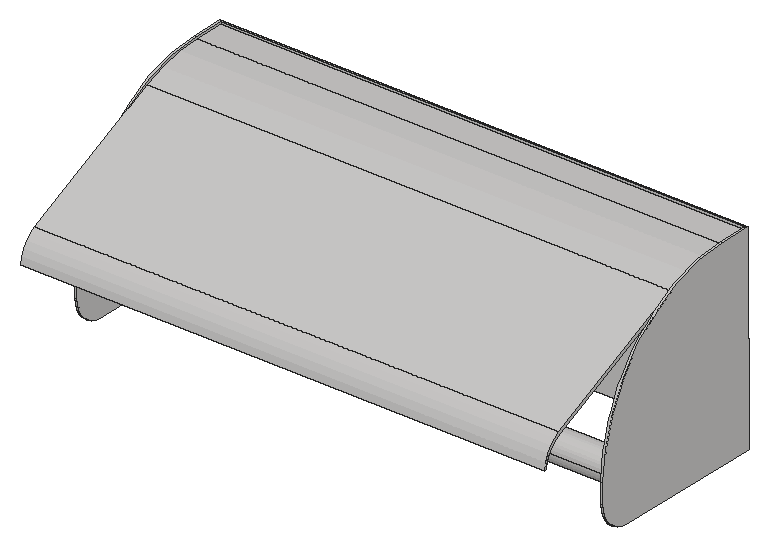
Revit family "Toilet Roll Dispenser_Metlam_Double_Bar_Hooded", category Specialty Equipment, Revit 2016
Family settings
  Part Type = Normal
  Round Connector Dimension = Use Diameter
  OmniClass Number = 23.40.20.21.21
  OmniClass Title = Toilet Paper Dispensers
  Work Plane-Based = No
  Always vertical = Yes
  Cut with Voids When Loaded = No
  Shared = No
  Room Calculation Point = Yes
Parameters (values of type "265w x 91d x 100h (ML267)")
  URL = "http://www.metlam.com.au/"
  Type Comments = "Toilet Roll Dispensers"  # constant formula
  Model = "ML267"
  Material_ANZRS = z_Metlam_Metal_Stainless Steel_Satin
  Manufacturer_URL__Product Specific = "https://www.metlam.com.au/product/content/toilet-roll-dispensers/ML267"
  Manufacturer_Spec Code = Model  # "ML267"
  Manufacturer_Overall Width = 265 mm  # constant formula
  Manufacturer_Overall Height = 100 mm  # constant formula
  Manufacturer_Overall Depth = 91 mm  # constant formula
  Manufacturer_Height From FFL [instance] = 585 mm
  Manufacturer = "Metlam"  # constant formula
  Description = "New\tDual Lockable Toilet Roll Holder"
  CreatedBy_ANZRS = "IGS BIM Solutions"  # constant formula
  CreatedByURL_ANZRS = "http://www.igsgroup.com.au/"
  Assembly Code = ""
Reference planes
  plane 1 "Back": y = 0
  plane 2 "Ref. Level": z = 0
  plane 3 "Centre (Left/Right)": x = 0
  plane 4 "Bottom": z = 570
  plane 5 "Right": x = 132.5
  plane 6 "Left": x = -132.5
  plane 7 "Front": y = -91
  plane 8 "Top": z = 670
  plane 9 "Mounting Height": z = 585
  plane 10 "Lock_Centre (Front/Back)": y = -64.5
  plane 11 "Flap_Front": y = -126.672
Forms (mm)
  Extrusion 1, solid, material "z_Metlam_Metal_Stainless Steel_Satin" <- "Material_ANZRS"
    sketch origin (0, 0, 0) x (0, 1, 0) y (0, 0, 1)
      loop
        circle (-64.5, 585) r 7.5
    from -132.5 to 132.5
  Extrusion 2, solid, material "z_Metlam_Metal_Stainless Steel_Satin" <- "Material_ANZRS"
    sketch origin (0, 0, 0) x (1, 0, 0) y (0, 0, 1)
      loop
        line (-132.5, 670) -> (-132.5, 570) -> (132.5, 570) -> (132.5, 670) -> (-132.5, 670)
    from 0 to 1
  Extrusion 3, solid, material "z_Metlam_Metal_Stainless Steel_Satin" <- "Material_ANZRS"
    sketch origin (-132.5, 0, 0) x (0, -1, 0) y (0, 0, 1)
      loop
        line (0, 670) -> (0, 570) -> (76, 570)
        arc (76, 570) -> (86.607, 574.393) -> (91, 585) r 15
        line (91, 585) -> (91, 595)
        arc (91, 595) -> (69.033, 648.033) -> (16, 670) r 75
        line (16, 670) -> (0, 670)
    from 0 to -1
  Extrusion 4, solid, material "z_Metlam_Metal_Stainless Steel_Satin" <- "Material_ANZRS"
    sketch origin (132.5, 0, 0) x (0, -1, 0) y (0, 0, 1)
      loop
        line (0, 670) -> (0, 570) -> (76, 570)
        arc (76, 570) -> (86.607, 574.393) -> (91, 585) r 15
        line (91, 585) -> (91, 595)
        arc (91, 595) -> (69.033, 648.033) -> (16, 670) r 75
        line (16, 670) -> (0, 670)
    from 0 to 1
  Extrusion 5, solid, material "z_Metlam_Metal_Stainless Steel_Satin" <- "Material_ANZRS"
    sketch origin (0, 0, 0) x (0, 1, 0) y (0, 0, 1)
      loop
        arc (-16, 669) -> (-32.145, 667.217) -> (-47.512, 661.955) r 74
        line (-47.512, 661.955) -> (-117.397, 629.065)
        arc (-117.397, 629.065) -> (-123.797, 623.675) -> (-126.672, 615.818) r 16.271
        line (-126.672, 615.818) -> (-125.676, 615.728)
        arc (-125.676, 615.728) -> (-122.978, 623.102) -> (-116.971, 628.16) r 15.271
        line (-116.971, 628.16) -> (-47.086, 661.051)
        arc (-47.086, 661.051) -> (-31.927, 666.241) -> (-16, 668) r 73
        line (-16, 668) -> (-1, 668) -> (-1, 669) -> (-16, 669)
    from -131.5 to 131.5
  Revolve 6, solid, material "z_Metlam_Metal_Stainless Steel_Satin" <- "Material_ANZRS", detail levels medium+fine
    sketch origin (0, -64.5, 0) x (-1, 0, 0) y (0, 0, 1)
      loop
        line (132.5, 606.837) -> (137.5, 606.837) -> (137.5, 614.837) -> (132.5, 617.837) -> (132.5, 606.837)
      axis (137.5, 606.837) -> (132.5, 606.837)
    angle from 0 to 360
Cuts and joins
  joined: Extrusion 1, Extrusion 2, Extrusion 3, Extrusion 4, Extrusion 5
Lines and regions (mm)
  Masking region 1
    outline origin (0, 0, 585) x (-1, 0, 0) y (0, -1, 0)
      loop
        line (132.5, 0) -> (132.5, 91) -> (131.5, 91) -> (131.5, 126.672) -> (-131.5, 126.672) -> (-131.5, 91) -> (-132.5, 91) -> (-132.5, 0) -> (132.5, 0)
  symbolic lines, style "Bathroom Fixtures", detail levels medium+fine
    curve 1: line (131.5, -91, 585) -> (131.5, -1, 585)
    curve 2: line (131.5, -1, 585) -> (-131.5, -1, 585)
    curve 3: line (-131.5, -1, 585) -> (-131.5, -91, 585)
Text (mm)
  text "> Contact Manufacturer to confirm feasibility of design variations outside the scope of this Revit Family\n\n\n\nDisclaimer:\n\nDue to ongoing product development and manufacturing evolution, product details are subject to change without notice. Please refer to product technical data sheets on the manufacturer’s website for the most current product information. Please allow a +/- 5mm manufacturing tolerance for dimensions and set-outs shown in product literature." at (247.465, 104.37, 0), in view "Ref. Level_Instruction"
Dimensions and locks
  "Manufacturer_Overall Depth": plane 7 "Front" to plane 1 "Back"
  "Manufacturer_Overall Width": plane 6 "Left" to plane 5 "Right"
  "Manufacturer_Overall Height": plane 8 "Top" to plane 4 "Bottom"
  equal spacing: plane 6 "Left", plane 3 "Centre (Left/Right)", plane 5 "Right"
  "Manufacturer_Height From FFL": plane 9 "Mounting Height" to plane 2 "Ref. Level"
  locked: plane 9 "Mounting Height" to plane 4 "Bottom" at 15
  locked: plane 7 "Front" to plane 11 "Flap_Front" at 35.672
  locked: plane 10 "Lock_Centre (Front/Back)" to plane 7 "Front" at 26.5
  radius of Extrusion 3 sketch curve = 75 mm
  radius of Extrusion 3 sketch curve = 15 mm
  radius of Extrusion 4 sketch curve = 75 mm
  radius of Extrusion 4 sketch curve = 15 mm
  aligned and locked: level to plane 2 "Ref. Level"
  aligned and locked: plane 10 "Lock_Centre (Front/Back)" to Extrusion 1 sketch curve
  aligned and locked: plane 9 "Mounting Height" to Extrusion 1 sketch curve
  aligned and locked: plane 6 "Left" to Extrusion 1
  aligned and locked: Extrusion 1 to plane 5 "Right"
  aligned and locked: plane 6 "Left" to Extrusion 2
  aligned and locked: Extrusion 2 to plane 5 "Right"
  aligned and locked: plane 8 "Top" to Extrusion 2
  aligned and locked: Extrusion 2 to plane 4 "Bottom"
Automatic sketch dimensions
  plane 6 "Left" to Extrusion 2 sketch curve = 0 mm
  Extrusion 2 sketch curve to plane 4 "Bottom" = 0 mm
  plane 5 "Right" to Extrusion 2 sketch curve = 0 mm
  Extrusion 2 sketch curve to plane 8 "Top" = 0 mm
  Extrusion 3 sketch curve to plane 1 "Back" = 0 mm
  Extrusion 3 sketch curve to plane 8 "Top" = 0 mm
  Extrusion 3 sketch curve to plane 4 "Bottom" = 0 mm
  Extrusion 3 sketch curve to plane 7 "Front" = 0 mm
  Extrusion 4 sketch curve to plane 1 "Back" = 0 mm
  Extrusion 4 sketch curve to plane 8 "Top" = 0 mm
  Extrusion 4 sketch curve to plane 4 "Bottom" = 0 mm
  Extrusion 4 sketch curve to plane 7 "Front" = 0 mm
  Extrusion 5 sketch curve to Extrusion 5 sketch curve = 0 mm  (x5)
  Extrusion 5 sketch curve to Extrusion 5 sketch curve = 0.426 mm  (x2)
  Extrusion 5 sketch curve to Extrusion 5 sketch curve = 6.503 mm
  Extrusion 5 sketch curve to plane 8 "Top" = 8.045 mm
  plane 10 "Lock_Centre (Front/Back)" to Extrusion 5 sketch curve = 16.988 mm
  Extrusion 5 sketch curve to plane 8 "Top" = 2 mm
  plane 1 "Back" to Extrusion 5 sketch curve = 16 mm
  plane 1 "Back" to Extrusion 5 sketch curve = 1 mm
  Extrusion 5 sketch curve to Extrusion 5 sketch curve = 0.905 mm  (x2)
  Extrusion 5 sketch curve to plane 8 "Top" = 40.935 mm
  Extrusion 5 sketch curve to Extrusion 5 sketch curve = 13.817 mm
  Extrusion 5 sketch curve to Extrusion 5 sketch curve = 0.996 mm
  Extrusion 5 sketch curve to plane 7 "Front" = 19.468 mm
  plane 9 "Mounting Height" to Extrusion 5 sketch curve = 30.728 mm
  plane 6 "Left" to Revolve 6 sketch curve = 0 mm
  plane 6 "Left" to Revolve 6 sketch curve = 5 mm
  Revolve 6 sketch curve to plane 5 "Right" = 27.738 mm
  Revolve 6 sketch curve to Revolve 6 sketch curve = 33.264 mm
  Revolve 6 sketch curve to Revolve 6 sketch curve = 3 mm
  plane 9 "Mounting Height" to Revolve 6 sketch curve = 21.837 mm  (x2)
  Revolve 6 sketch curve to Revolve 6 sketch curve = 8 mm
  curve 1 to plane 7 "Front" = 0 mm
  curve 3 to plane 7 "Front" = 0 mm
  curve 2 to plane 6 "Left" = 1 mm
  plane 5 "Right" to curve 2 = 1 mm
  plane 1 "Back" to curve 3 = 1 mm
  Masking region 1 sketch curve to plane 5 "Right" = 0 mm
  Masking region 1 sketch curve to plane 11 "Flap_Front" = 0 mm
  Masking region 1 sketch curve to plane 7 "Front" = 0 mm  (x2)
  Masking region 1 sketch curve to plane 6 "Left" = 0 mm
  plane 1 "Back" to Masking region 1 sketch curve = 0 mm
  plane 5 "Right" to Masking region 1 sketch curve = 1 mm
  Masking region 1 sketch curve to plane 6 "Left" = 1 mm
  radius of Extrusion 1 sketch curve = 7.5 mm
